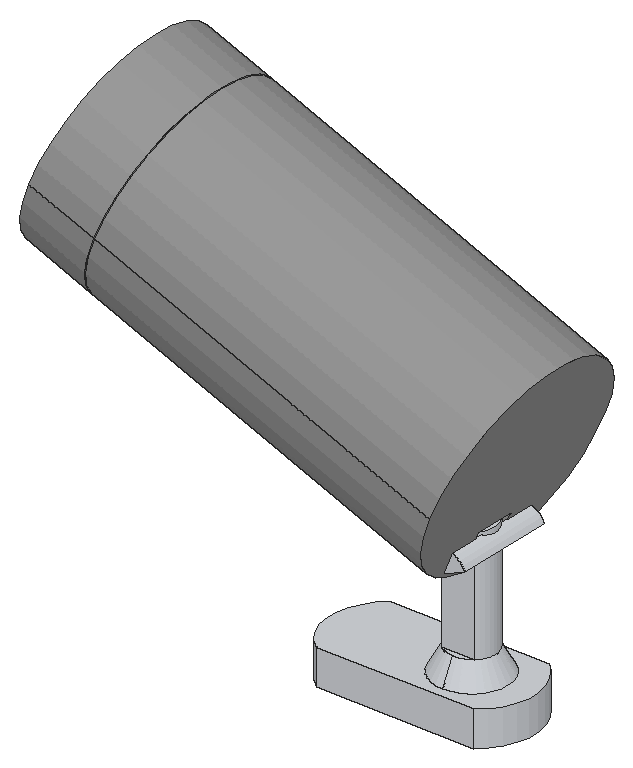
Revit family "0005537", category Generic Models, host Face, Revit 2018
Family settings
  Host = Face
  Can host rebar = No
  Round Connector Dimension = Use Diameter
  Part Type = Normal
  OmniClass Number = 23.80.70.00
  OmniClass Title = Lighting
  Cut with Voids When Loaded = No
  Shared = No
  Room Calculation Point = No
Parameters (values of type "Type Name")
  Width = 75 mm
  URL = "http://www.sylvania-lighting.com"
  Type Image = <None>
  Type Comments = "n/a"
  Material_3_SYL = none
  Model = ""
  Manufacturer = "Feilo Sylvania"
  Length = 158 mm
  Keynote = ""
  Material_2_SYL = none
  Height = 202 mm
  Description = ""
  Default Elevation = 1219.2 mm
  Cost = 0
  Material_1_SYL = none
  Assembly Code = ""
  Material_4_SYL = none
  Adaptor width = 32 mm
  Adaptor length = 70 mm
Reference planes
  plane 1 "Center (Front/Back)": y = 0
  plane 2: z = 0
  plane 3 "Center (Left/Right)": x = 0
  plane 4: y = 16
  plane 5: y = -16
  plane 6: x = -35
  plane 7: x = 35
  plane 8: z = 20
  plane 9: z = 35
  plane 10: z = 202
  plane 11: z = -30
  plane 12: z = -20
  plane 13: y = -46
  plane 14: y = 46
  plane 15: z = -31.471
  plane 16: z = -32.971
  plane 17: x = -27
  plane 18: x = 27
  plane 19: x = 17
  plane 20: y = 37.5
  plane 21: y = -37.5
  plane 22: x = -92.589
  plane 23: x = 65.411
Forms (mm)
  Extrusion 1, solid
    sketch origin (0, 0, 0) x (1, 0, 0) y (0, 1, 0)
      loop
        line (-27, -16) -> (27, -16)
        arc (27, -16) -> (35, 0) -> (27, 16) r 20
        line (27, 16) -> (-27, 16)
        arc (-27, 16) -> (-35, 0) -> (-27, -16) r 20
    from 0 to 12
Dimensions and locks
  "Adaptor width": plane 4 to plane 5
  equal spacing: plane 4, plane 1 "Center (Front/Back)", plane 5
  "Adaptor length": plane 6 to plane 7
  equal spacing: plane 6, plane 3 "Center (Left/Right)", plane 7
  "Width": plane 20 to plane 21
  equal spacing: plane 20, plane 1 "Center (Front/Back)", plane 21
  "Length": plane 22 to plane 23
  "Height": plane 10 to host face
  aligned and locked: plane 2 to host face
  aligned and locked: level to host face
Automatic sketch dimensions
  host sketch curve to host sketch curve = 2438.4 mm  (x2)
  Extrusion 1 sketch curve to plane 5 = 0 mm
  Extrusion 1 sketch curve to plane 4 = 0 mm
  Extrusion 1 sketch curve to plane 17 = 0 mm  (x2)
  plane 1 "Center (Front/Back)" to Extrusion 1 sketch curve = 0 mm
  Extrusion 1 sketch curve to plane 18 = 0 mm
  plane 17 to Extrusion 1 sketch curve = 12 mm
  Extrusion 1 sketch curve to plane 19 = 2 mm
Nested families
  nested 1: "0005537 Lenzo arm and Spot Generic Family face based" at (13.439, 0, 12) x (0, -1, 0) z (0, 0, 1), type "Type Name"
Definition of nested family "0005537 Lenzo arm and Spot Generic Family face based"
  Parameters (values of type "Type Name")
    cutout = 11.5 mm
    Width = 25 mm
    URL = "http://www.sylvania-lighting.com"
    Type Image = (empty or 0)
    Type Comments = "n/a"
    Material_3_SYL = none
    Model = ""
    Manufacturer = "Feilo Sylvania"
    Length = 25 mm
    Keynote = ""
    Material_2_SYL = none
    Description = ""
    Default Elevation = 1219.2 mm
    Cost = 0
    Material_1_SYL = none
    Assembly Code = ""
    Material_4_SYL = none
  Reference planes
    plane 1 "Center (Front/Back)": y = 0
    plane 2: z = 0
    plane 3 "Center (Left/Right)": x = 0
    plane 4: y = 12.5
    plane 5: y = -12.5
    plane 6: x = -12.5
    plane 7: x = 12.5
    plane 8: z = 55
    plane 9: y = -46
    plane 10: y = 46
    plane 11: z = 8
    plane 12: x = 8
    plane 13: x = -8
    plane 14: x = 5.75
    plane 15: x = -5.75
    plane 16: z = 47
    plane 17: z = 39
  Forms (mm)
    Extrusion 1, solid
      sketch origin (4.2, 0, 0) x (1, 0, 0) y (0, 1, 0)
        loop
          line (-1219.2, 1219.2) -> (-1219.2, -1219.2) -> (1219.2, -1219.2) -> (1219.2, 1219.2) -> (-1219.2, 1219.2)
      from 0 to -68.017
    Blend 2, solid
      base sketch origin (0, 0, 0) x (1, 0, 0) y (0, 1, 0)
        loop
          circle (0, 0) r 12.5
      top sketch origin (0, 0, 0) x (1, 0, 0) y (0, 1, 0)
        loop
          circle (0, 0) r 8
      from 0 to 8
    Extrusion 3, solid
      sketch origin (0, 0, 0) x (1, 0, 0) y (0, 1, 0)
        loop
          circle (0, 0) r 8
      from 0 to 47
    Extrusion 4, void
      sketch origin (1524, -324.9, 1219.2) x (1, 0, 0) y (0, 0, 1)
        loop
          line (-1529.75, -1172.2) -> (-1538.187, -1172.2) -> (-1538.187, -1219.2) -> (-1529.75, -1219.2) -> (-1529.75, -1172.2)
      from -331.966 to -316.181
    Extrusion 5, void
      sketch origin (1542.25, -324.9, 1219.2) x (1, 0, 0) y (0, 0, 1)
        loop
          line (-1529.75, -1172.2) -> (-1536.5, -1172.2) -> (-1536.5, -1219.2) -> (-1529.75, -1219.2) -> (-1529.75, -1172.2)
      from -331.966 to -316.181
    Revolve 6, solid
      sketch origin (-1547.657, 3.925, 1218.875) x (-1, 0, 0) y (0, 0, 1)
        loop
          line (-1530.908, -1172.2) -> (-1564.772, -1172.2) -> (-1564.772, -1180.2) -> (-1530.908, -1180.2) -> (-1530.908, -1172.2)
        axis (-1530.908, -1180.2) -> (-1564.772, -1180.2)
      angle from -66.657 to -21.657
  Cuts and joins
    Extrusion 4, Extrusion 5 cuts Extrusion 3
  Dimensions and locks
    "Width": plane 4 to plane 5
    equal spacing: plane 4, plane 1 "Center (Front/Back)", plane 5
    "Length": plane 6 to plane 7
    equal spacing: plane 6, plane 3 "Center (Left/Right)", plane 7
    "cutout": plane 15 to plane 14
    equal spacing: plane 15, plane 3 "Center (Left/Right)", plane 14
    aligned and locked: plane 2 to Extrusion 1
    aligned and locked: level to Extrusion 1
  Automatic sketch dimensions
    Extrusion 1 sketch curve to Extrusion 1 sketch curve = 2438.4 mm  (x2)
    plane 1 "Center (Front/Back)" to Blend 2 sketch curve = 0 mm  (x2)
    Blend 2 sketch curve to plane 3 "Center (Left/Right)" = 0 mm  (x2)
    plane 1 "Center (Front/Back)" to Extrusion 3 sketch curve = 0 mm
    Extrusion 3 sketch curve to plane 3 "Center (Left/Right)" = 0 mm
    Extrusion 4 sketch curve to level = 0 mm
    plane 15 to Extrusion 4 sketch curve = 0 mm
    Extrusion 4 sketch curve to plane 6 = 1.687 mm
    Extrusion 4 sketch curve to plane 8 = 8 mm
    Extrusion 5 sketch curve to level = 0 mm
    Extrusion 5 sketch curve to plane 7 = 0 mm
    plane 14 to Extrusion 5 sketch curve = 0 mm
    Extrusion 5 sketch curve to plane 8 = 8 mm
    Revolve 6 sketch curve to plane 17 = 0.325 mm  (x2)
    plane 3 "Center (Left/Right)" to Revolve 6 sketch curve = 17.114 mm
    plane 13 to Revolve 6 sketch curve = 8.749 mm
    Revolve 6 sketch curve to plane 16 = 0.325 mm
    plane 12 to Revolve 6 sketch curve = 6.556 mm
    Revolve 6 sketch curve to plane 6 = 26.056 mm
    radius of Blend 2 sketch curve = 12.5 mm
    radius of Blend 2 sketch curve = 8 mm
    radius of Extrusion 3 sketch curve = 8 mm
  Nested families
    nested 1: "0005537 Lenzo Spotlight Family face based" at (0, 15.691, 68.307) x (1, 0, 0) z (0, -0.9294, 0.369), type "0005537 LENZO LARGE 30W 930 ON BOARD DIM WHITE"
      with WarrantyStartDate "n/a", SerialNumber "n/a", InstallationDate "n/a", built-in parameter 1114216 (empty or 0), BarCode "n/a", AssetIdentifier "n/a"
  Definition of nested family "0005537 Lenzo Spotlight Family face based"
    Parameters (values of type "0005537 LENZO LARGE 30W 930 ON BOARD DIM WHITE")
      Weight = "n/a"
      Wattage Comments = ""
      Wattage = 9.2903 W
      WarrantyStartDate [instance] = "n/a"
      WarrantyGuarantorParts = "n/a"
      WarrantyDurationUnit = "n/a"
      WarrantyDurationParts = ""
      WarrantyDescription = "http://www.sylvania-lighting.com"
      built-in parameter 1150110 = 1 (stored number, unit not read)
      Voltage = 0 V
      URL = "0.9"
      TypeName = "Lenzo Large 30W 930 On Board Dim White"
      Type Image = (empty or 0)
      Type Comments = "n/a"
      built-in parameter 1114217 = 1 (stored number, unit not read)
      Tilt Angle = -90.00°
      built-in parameter 1150109 = 1 (stored number, unit not read)
      built-in parameter 1150134 = 3
      built-in parameter 1150113 = 1 (stored number, unit not read)
      SerialNumber [instance] = "n/a"
      Photometric Web File = "0005537-WB.IES"
      Material_3_SYL = none
      PowerFactor = 0
      PowerConsumption = "Lighting"
      NominalLength = 75 mm
      NominalHeight = 45 mm
      NominalDepth = 75 mm
      Name = "Lenzo Large 30W 930 On Board Dim White"
      ModelReference = Name  # "Lenzo Large 30W 930 On Board Dim White"
      ModelNumber = "0005537"
      Model = Name  # "Lenzo Large 30W 930 On Board Dim White"
      Material = "Feilo Sylvania"
      ManufacturerName = "65 lm/W"
      Manufacturer = ""
      LuminousEfficacy = ""
      built-in parameter 1150105 = 109.82 (stored number, unit not read)
      Lumens = 1380 lm
      LuminaireType = "0"
      built-in parameter 1150115 = 1 (stored number, unit not read)
      LightOutputRatio = "LED"
      built-in parameter 1150137 = (empty or 0)
      built-in parameter 1150139 = (empty or 0)
      LampsType = Lamp  # "n/a"
      LampNominalLuminous = "3000 K"
      LampMacAdamStep = "90"
      LampColourTemperature = "LED"
      LampColourRenderingIndex = "16500"
      built-in parameter 1150112 = 1 (stored number, unit not read)
      built-in parameter 1150114 = 1 (stored number, unit not read)
      Lamp = "n/a"
      Keynote = "n/a"
      InstallationDate [instance] = "n/a"
      InputVoltage = "0"
      InputNominalFrequency = "3000"
      built-in parameter 1150132 = (empty or 0)
      built-in parameter 1150102 = (empty or 0)
      built-in parameter 1150107 = 3200 (stored number, unit not read)
      built-in parameter 1150138 = (empty or 0)
      IngressProtection = "IfcLightFixtureType"
      ImpactProtectionIndex = "IfcLightFixtureType"
      built-in parameter 1150106 = 1.0982 (stored number, unit not read)
      IfcExportType = "IfcLightFixtureType"
      IfcExportAs = "Class I"
      Emit from Circle Diameter = 609.6 mm
      Emit Shape Visible in Rendering = no
      ElectricShockClassification = "65"
      built-in parameter 1150104 = 13.8 (stored number, unit not read)
      DocumentationLiterature = "http://www.sylvania-lighting.com/product/en-int/products/0005537"
      DimmingControlOptions = "n/a"
      Material_2_SYL = none
      Dimming Lamp Color Temperature Shift = (empty or 0)
      Description = "The new generation of Lenzo improves the Sylvania track spot range with a simple and slick integral design fixture, with no driver box and no visible screws. Simple and integral design (diameter Ø75mm). Die cast aluminium body, passive cooling heat sink. Adjustable beam angle 18° - 50° Textured White - RAL 9016.Light color temperature: 3000K, warm white, total system power: 30W. Total fixture output: 1925lm, efficacy: 65lm/W, Ra90 typical, LED chromacity: 3 step MacAdam ellipse (SDCM3), IR/UV free light source without heat radiation, operating voltage: 220-240V / 50-60Hz. On Board dimming driver, ultra low flicker rate, power factor: >0.90, electrical protection: Class I. Degree of protection: IP20, suitable for indoor environment only. Suitable for 3-circuit tracks, horizontal rotation: 345°, vertical tilt: 90°. Dimensions: Ø75x221mm, weight: 0.72Kg."
      Default Elevation = 1219.2 mm
      CreatedOn = "03/04/2023"
      CreatedBy = "@sylvania-lighting.com"
      Cost = 0
      Color Filter = 16777215
      built-in parameter 1114216 [instance] = (empty or 0)
      ClassificationValue = "EF_70_80"
      ClassificationName = "Uniclass2015"
      Material_1_SYL = none
      BarCode [instance] = "n/a"
      built-in parameter 1114218 = 1 (stored number, unit not read)
      built-in parameter 1150133 = 10 (stored number, unit not read)
      AssetType = "Fixed"
      AssetIdentifier [instance] = "n/a"
      Assembly Code = "D5020200"
      Apparent Load = 30 VA
      Material_4_SYL = none
    Reference planes
      plane 1 "Center (Front/Back)": y = 0
      plane 2: z = 0
      plane 3 "Center (Left/Right)": x = 0
      plane 4: x = -37.5
      plane 5: x = 37.5
      plane 6: y = 37.5
      plane 7: y = -37.5
      plane 8: z = 45
      plane 9: y = -21.5
      plane 10: x = -7
      plane 11: x = 7
    Forms (mm)
      Extrusion 1, solid
        sketch origin (4.2, 0, 0) x (1, 0, 0) y (0, 1, 0)
          loop
            line (-1219.2, 1219.2) -> (-1219.2, -1219.2) -> (1219.2, -1219.2) -> (1219.2, 1219.2) -> (-1219.2, 1219.2)
        from 0 to -68.017
      Extrusion 2, solid
        sketch origin (0, 0, 0) x (1, 0, 0) y (0, 1, 0)
          loop
            circle (0.015, 0.002) r 37.498
        from 0 to 124
      Extrusion 3, solid
        sketch origin (0, 0, 0) x (1, 0, 0) y (0, 1, 0)
          loop
            circle (0, 0) r 37.5
        from 124 to 148
      Extrusion 4, void
        sketch origin (0, 0, 0) x (1, 0, 0) y (0, 1, 0)
          loop
            line (-7, -21.5) -> (-7, -37.5) -> (7, -37.5) -> (7, -21.5) -> (-7, -21.5)
        from 0 to 32
      Extrusion 5, void
        sketch origin (0, 0, 0) x (1, 0, 0) y (0, 1, 0)
          loop
            circle (0, 0) r 35
        from 148 to 145.5
      Blend 6, void
        base sketch origin (0, 0, 0) x (1, 0, 0) y (0, 1, 0)
          loop
            circle (0, 0) r 35
        top sketch origin (0, 0, 0) x (1, 0, 0) y (0, 1, 0)
          loop
            circle (0, 0) r 25
        from 145.5 to 143
      Extrusion 7, void
        sketch origin (0, 0, 0) x (1, 0, 0) y (0, 1, 0)
          loop
            circle (0, 0) r 25
        from 143 to 131
      Blend 8, void
        base sketch origin (0, 0, 0) x (1, 0, 0) y (0, 1, 0)
          loop
            circle (0, 0) r 25
        top sketch origin (0, 0, 0) x (1, 0, 0) y (0, 1, 0)
          loop
            circle (0, 0) r 15
        from 131 to 121
      Extrusion 9, solid, detail levels fine
        sketch origin (0, 0, 0) x (1, 0, 0) y (0, 1, 0)
          loop
            circle (0, 0) r 15
        from 121 to 122
    Cuts and joins
      Extrusion 4, Extrusion 5, Blend 6, Extrusion 7, Blend 8 cuts Extrusion 2
      Extrusion 5, Blend 6, Extrusion 7, Blend 8 cuts Extrusion 3
    Dimensions and locks
      "NominalLength": plane 4 to plane 5
      equal spacing: plane 4, plane 3 "Center (Left/Right)", plane 5
      "NominalDepth": plane 6 to plane 7
      equal spacing: plane 6, plane 1 "Center (Front/Back)", plane 7
      "NominalHeight": plane 8 to level
      aligned and locked: plane 2 to Extrusion 1
      aligned and locked: level to Extrusion 1
    Automatic sketch dimensions
      Extrusion 1 sketch curve to Extrusion 1 sketch curve = 2438.4 mm  (x2)
      Extrusion 2 sketch curve to plane 1 "Center (Front/Back)" = 0.002 mm
      plane 3 "Center (Left/Right)" to Extrusion 2 sketch curve = 0.015 mm
      plane 1 "Center (Front/Back)" to Extrusion 3 sketch curve = 0 mm
      Extrusion 3 sketch curve to plane 3 "Center (Left/Right)" = 0 mm
      Extrusion 4 sketch curve to plane 7 = 0 mm
      Extrusion 4 sketch curve to plane 10 = 0 mm
      Extrusion 4 sketch curve to plane 11 = 0 mm
      Extrusion 4 sketch curve to plane 9 = 0 mm
      plane 1 "Center (Front/Back)" to Extrusion 5 sketch curve = 0 mm
      Extrusion 5 sketch curve to plane 3 "Center (Left/Right)" = 0 mm
      plane 1 "Center (Front/Back)" to Blend 6 sketch curve = 0 mm  (x2)
      Blend 6 sketch curve to plane 3 "Center (Left/Right)" = 0 mm  (x2)
      plane 1 "Center (Front/Back)" to Extrusion 7 sketch curve = 0 mm
      Extrusion 7 sketch curve to plane 3 "Center (Left/Right)" = 0 mm
      plane 1 "Center (Front/Back)" to Blend 8 sketch curve = 0 mm  (x2)
      Blend 8 sketch curve to plane 3 "Center (Left/Right)" = 0 mm  (x2)
      plane 1 "Center (Front/Back)" to Extrusion 9 sketch curve = 0 mm
      Extrusion 9 sketch curve to plane 3 "Center (Left/Right)" = 0 mm
      radius of Extrusion 2 sketch curve = 37.498 mm
      radius of Extrusion 3 sketch curve = 37.5 mm
      radius of Extrusion 5 sketch curve = 35 mm
      radius of Blend 6 sketch curve = 35 mm
      radius of Blend 6 sketch curve = 25 mm
      radius of Extrusion 7 sketch curve = 25 mm
      radius of Blend 8 sketch curve = 25 mm
      radius of Blend 8 sketch curve = 15 mm
      radius of Extrusion 9 sketch curve = 15 mm
    Connectors
      electrical at (0, 0, 0), driven by "Apparent Load", driven by "PowerFactor", driven by "Voltage"
        settings: index 1, voltage 0 V, apparent load 30 VA, apparent load phase1 0 VA, apparent load phase2 0 VA, apparent load phase3 0 VA, power factor 0, load classification none, number of poles 1, system type 30, power factor state 1, is connector primary yes, connector utility no, sub classification motor no, connector description ""
